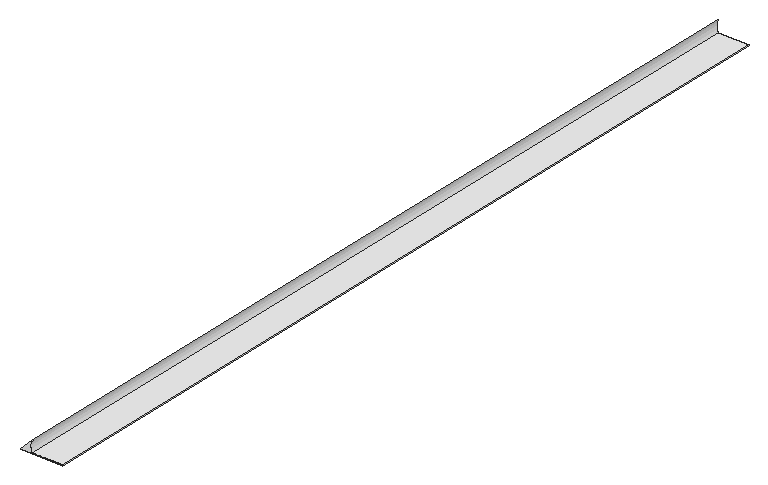
Revit family "101010001058001", category Modelos genéricos, Revit 2018
Family settings
  Puede alojar armadura = No
  Cota de conector redondo = Diámetro de uso
  Tipo de pieza = Normal
  Se basa en plano de trabajo = No
  Siempre vertical = No
  Corte con vacíos al cargar = No
  Compartido = No
  Punto de cálculo de habitación = No
Parameters (values of type "ESQUINERO DE MOLDAJE PVC 40X20X15MM BLANCO TIRA 3MT")
  Ventajas = "Autoextinguible"
  Uso = "Se utilizan para biselar los cantos de pilares y losas. Se aplican en forma horizontal y vertical al interior del\r\nencofrado o placa fenólica. Es un producto fácil de\r\ninstalar, al ser semi-rígido permite varios usos, ahorro en\r\nmano de obre para retoques de esquinas."
  Unidad = "Tira 3.00 mts."
  URL = "https://www.empresascnp.cl/"
  Num SKUs = "101010001058001"
  Nombre SKU = "ESQUINERO DE MOLDAJE PVC 40X20X15MM BLANCO TIRA 3MT"
  Modelo = "ESQUINERO DE MOLDAJE 40X20X15MM"
  Material = PVC flexible blanco
  Url Ficha tecnica = "https://empresascnp.cl/wp-content/uploads//pdf/ficha-tecnica-esquinero-de-moldaje-pvc-40x20x15mm-blanco-tira-3mt.pdf"
  Largo = 3000.00 mm
  Espesor = 15.00 mm
  Empresa = "CNP SPA."
  Dureza = "Shore A 70"
  Dimension = 40.00 mm
  Descripción = "Se utilizan para biselar los cantos de pilares y losas."
  Contacto = "info@empresascnp.cl"
  Color = "Blanco o Café"
  Aplicacion = "Se utilizan para biselar los cantos de pilares y losas."
Reference planes
  plane 1 "Center F/B": y = 0
  plane 2: z = 0
  plane 3 "Center L/R": x = 0
  plane 4: z = 40
  plane 5 "2": y = 1500
  plane 6 "3": y = -1500
Forms (mm)
  Extrusion 1, solid, material "PVC flexible blanco" <- "Material"
    sketch origin (0, 0, 0) x (1, 0, 0) y (0, 0, 1)
      loop
        line (0, 0) -> (150, 0) -> (150, 3) -> (42.016, 3)
        arc (42.016, 3) -> (38.134, 23.754) -> (42.426, 44.426) r 54.529
        line (42.426, 44.426) -> (0, 2) -> (0, 0)
    from -1500 to 1500
Dimensions and locks
  "Dimension": plane 4 to level
  equal spacing: plane 6 "3", plane 1 "Center F/B", plane 5 "2"
  "Largo": plane 6 "3" to plane 5 "2"
  aligned and locked: plane 6 "3" to Extrusion 1
  aligned and locked: Extrusion 1 to plane 5 "2"
Automatic sketch dimensions
  Extrusion 1 sketch curve to plane 3 "Center L/R" = 0.00 mm
  Extrusion 1 sketch curve to level = 0.00 mm
  plane 3 "Center L/R" to Extrusion 1 sketch curve = 92.66 mm
  level to Extrusion 1 sketch curve = 3.00 mm
  Extrusion 1 sketch curve to Extrusion 1 sketch curve = 57.34 mm
  level to Extrusion 1 sketch curve = 2.00 mm
  Extrusion 1 sketch curve to plane 4 = 4.426 mm
  plane 3 "Center L/R" to Extrusion 1 sketch curve = 42.426 mm
  Extrusion 1 sketch curve to Extrusion 1 sketch curve = 0.411 mm
